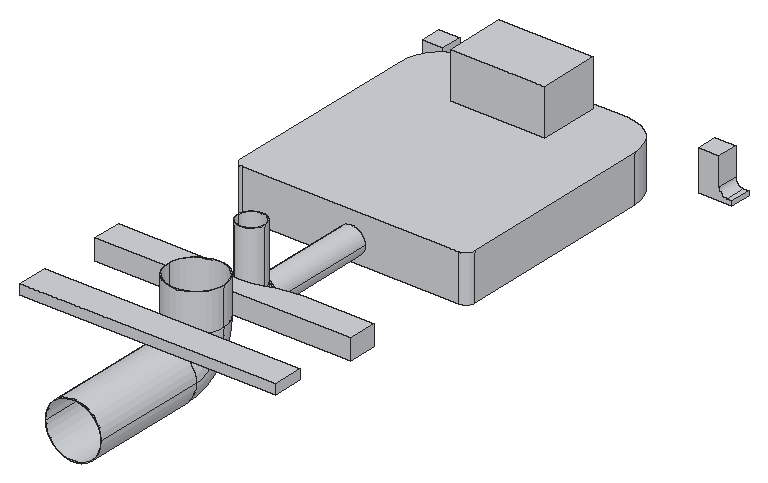
Revit family "Deca_Caixa de descarga embutida para drywall para bacia suspensa_Caixa embutida Hydra_2502.CX.AF", category Plumbing Fixtures, host Face, Revit 2019 (continued)
Lines and regions (mm)
  symbolic lines, visible <- "Visibilidade Mecanismo Interno", not visible, detail levels fine
    curve 1150: arc (0, 518.744, 44.488) -> (0, 518.238, 45.669) -> (0, 517.935, 46.917) r 7.727
    curve 1151: arc (0, 518.744, 44.488) -> (0, 519.844, 42.771) -> (0, 521.343, 41.39) r 7.974
    curve 1152: arc (0, 521.343, 41.39) -> (0, 522.387, 40.866) -> (0, 523.539, 40.677) r 3.878
    curve 1153: arc (0, 523.539, 57.381) -> (0, 524.398, 57.235) -> (0, 525.15, 56.795) r 2.427
    curve 1154: arc (0, 525.15, 56.795) -> (0, 526.365, 55.38) -> (0, 527.104, 53.667) r 6.196
    curve 1155: arc (0, 519.764, 58.572) -> (0, 518.435, 58.197) -> (0, 517.241, 57.501) r 5.467
    curve 1156: arc (0, 517.241, 57.501) -> (0, 515.038, 55.157) -> (0, 513.691, 52.237) r 10.016
    curve 1157: arc (0, 513.691, 52.237) -> (0, 513.357, 50.633) -> (0, 513.236, 49) r 12.473
    curve 1158: arc (0, 523.539, 40.677) -> (0, 524.398, 40.823) -> (0, 525.15, 41.263) r 2.427
    curve 1159: arc (0, 525.15, 41.263) -> (0, 526.365, 42.678) -> (0, 527.104, 44.39) r 6.196
    curve 1160: arc (0, 527.104, 53.667) -> (0, 527.702, 49.029) -> (0, 527.104, 44.39) r 18.295
    curve 1161: arc (0, 519.764, 58.572) -> (0, 521.339, 58.515) -> (0, 522.908, 58.382) r 32.207
    curve 1162: arc (0, 522.908, 58.382) -> (0, 524.262, 57.969) -> (0, 525.392, 57.116) r 4.056
    curve 1163: arc (0, 525.392, 57.116) -> (0, 527.2, 53.854) -> (0, 527.783, 50.171) r 10.735
    curve 1164: arc (0, 519.764, 39.428) -> (0, 518.435, 39.803) -> (0, 517.241, 40.499) r 5.467
    curve 1165: arc (0, 517.241, 40.499) -> (0, 515.038, 42.843) -> (0, 513.691, 45.763) r 10.016
    curve 1166: arc (0, 513.691, 45.763) -> (0, 513.357, 47.367) -> (0, 513.236, 49) r 12.473
    curve 1167: arc (0, 519.764, 39.428) -> (0, 521.339, 39.485) -> (0, 522.908, 39.618) r 32.207
    curve 1168: arc (0, 522.908, 39.618) -> (0, 524.262, 40.031) -> (0, 525.392, 40.884) r 4.056
    curve 1169: arc (0, 525.392, 40.884) -> (0, 527.169, 44.057) -> (0, 527.785, 47.64) r 10.735
    curve 1170: arc (0, 374.136, 30.139) -> (0, 375.178, 28.688) -> (0, 376.875, 28.13) r 2.883
    curve 1171: arc (0, 527.785, 47.64) -> (0, 527.824, 48.905) -> (0, 527.783, 50.171) r 20.174
    curve 1172: arc (0, 527.573, 52.484) -> (0, 527.938, 54.824) -> (0, 528.635, 57.087) r 16.448
    curve 1173: arc (0, 528.635, 57.087) -> (0, 529.125, 57.914) -> (0, 529.854, 58.539) r 2.949
    curve 1174: line (0, 529.854, 58.539) -> (0, 531.979, 58.353)
    curve 1175: arc (0, 531.979, 58.353) -> (0, 532.839, 57.803) -> (0, 533.389, 56.943) r 2.378
    curve 1176: arc (0, 527.573, 45.516) -> (0, 527.938, 43.176) -> (0, 528.635, 40.913) r 16.448
    curve 1177: arc (0, 528.635, 40.913) -> (0, 529.125, 40.086) -> (0, 529.854, 39.461) r 2.949
    curve 1178: line (0, 529.854, 39.461) -> (0, 531.979, 39.647)
    curve 1179: arc (0, 531.979, 39.647) -> (0, 532.839, 40.197) -> (0, 533.389, 41.057) r 2.378
    curve 1180: arc (0, 533.389, 56.943) -> (0, 533.997, 49) -> (0, 533.389, 41.057) r 52.209
    curve 1181: line (0, -527.86, -51.482) -> (0, -635.081, -51.669)
    curve 1182: line (0, -635.081, -51.669) -> (0, -634.906, -151.669)
    curve 1183: line (0, -634.906, -151.669) -> (0, -380.057, -151.224)
    curve 1184: arc (0, -380.057, -151.224) -> (0, -326.638, -133.613) -> (0, -294.006, -87.8) r 90.3
    curve 1185: line (0, -164.476, 76.6) -> (0, -235.676, 76.6)
    curve 1186: line (0, -235.676, 76.6) -> (0, -229.282, 3.513)
    curve 1187: line (0, -229.282, 3.513) -> (0, -170.871, 3.513)
    curve 1188: line (0, -170.871, 3.513) -> (0, -164.476, 76.6)
    curve 1189: line (0, -385.949, -12.5) -> (0, -390.24, 39.758)
    curve 1190: line (0, -390.24, 39.758) -> (0, -280.24, 39.95)
    curve 1191: line (0, -280.24, 39.95) -> (0, -284.363, -12.5)
    curve 1192: line (0, -457.86, -12.5) -> (0, 622.14, -12.5)
    curve 1193: line (0, 622.14, -12.5) -> (0, 622.14, -52.5)
    curve 1194: line (0, 622.14, -52.5) -> (0, -457.86, -52.5)
    curve 1195: line (0, -457.86, -52.5) -> (0, -457.86, -12.5)
    curve 1196: line (0, -406.749, -52.5) -> (0, -406.577, -151.271)
    curve 1197: arc (0, -216.938, -69.901) -> (0, -195.784, -88.066) -> (0, -168.676, -94.6) r 59.5
    curve 1198: line (0, -168.676, -52.5) -> (0, -168.676, -94.6)
    curve 1199: line (0, -168.676, -94.6) -> (0, -3.86, -94.6)
    curve 1200: line (0, -33.86, -52.5) -> (0, -33.86, -66.5)
    curve 1201: line (0, -33.86, -66.5) -> (0, -6.86, -66.5)
    curve 1202: arc (0, -6.86, -66.5) -> (0, -4.739, -67.379) -> (0, -3.86, -69.5) r 3
    curve 1203: line (0, -3.86, -69.5) -> (0, -3.86, -104.024)
    curve 1204: line (0, -3.86, -104.024) -> (0, 45.249, -104.881)
    curve 1205: spline (0, 45.249, -104.881) -> (0, 45.383, -104.886) -> (0, 45.517, -104.898) -> (0, 45.65, -104.915) -> (0, 45.783, -104.939) -> (0, 45.914, -104.968) -> (0, 46.043, -105.003) -> (0, 46.171, -105.044) -> (0, 46.297, -105.091) -> (0, 46.421, -105.144) -> (0, 46.542, -105.202) -> (0, 46.661, -105.265) -> (0, 46.776, -105.334)
    curve 1206: line (0, 373.14, -97.46) -> (0, 64.88, -96.629)
    curve 1207: spline (0, 54.886, -52.5) -> (0, 54.081, -56.009) -> (0, 53.507, -59.564) -> (0, 53.169, -63.148) -> (0, 53.067, -66.746) -> (0, 53.201, -70.343) -> (0, 53.572, -73.924) -> (0, 54.177, -77.473) -> (0, 55.014, -80.975) -> (0, 56.08, -84.415) -> (0, 57.369, -87.778) -> (0, 58.876, -91.05) -> (0, 60.595, -94.217)
    curve 1208: line (0, 402.89, 77.63) -> (0, 402.89, -7.473)
    curve 1209: line (0, 396.89, -7.484) -> (0, 462.14, -7.37)
    curve 1210: line (0, 462.14, -7.37) -> (0, 527.39, -7.484)
    curve 1211: line (0, 527.39, -7.484) -> (0, 527.39, -12.5)
    curve 1212: line (0, 521.39, -7.473) -> (0, 521.39, 77.63)
    curve 1213: line (0, 521.39, 77.63) -> (0, 402.89, 77.63)
    curve 1214: line (0, 583.14, -57.5) -> (0, 583.14, -122.5)
    curve 1215: arc (0, 583.14, -122.5) -> (0, 582.433, -122.793) -> (0, 582.14, -123.5) r 1
    curve 1216: line (0, 582.14, -123.5) -> (0, 582.14, -132.5)
    curve 1217: line (0, 582.14, -132.5) -> (0, 622.14, -132.5)
    curve 1218: line (0, 622.14, -132.5) -> (0, 622.14, -123.5)
    curve 1219: line (0, 622.14, -123.5) -> (0, 622.14, -57.5)
    curve 1220: line (0, 622.14, -57.5) -> (0, 582.14, -57.5)
    curve 1221: line (0, 582.14, -57.5) -> (0, 582.14, -107.5)
    curve 1222: line (0, 582.14, -107.5) -> (0, 585.339, -107.5)
    curve 1223: spline (0, 585.339, -107.5) -> (0, 585.34, -109.458) -> (0, 585.342, -111.382) -> (0, 585.345, -113.24) -> (0, 585.35, -115) -> (0, 585.355, -116.631) -> (0, 585.362, -118.107) -> (0, 585.37, -119.4) -> (0, 585.378, -120.49) -> (0, 585.388, -121.358) -> (0, 585.397, -121.989) -> (0, 585.407, -122.372) -> (0, 585.418, -122.5)
    curve 1224: line (0, -527.86, -52.5) -> (0, -527.86, -12.5)
    curve 1225: line (0, -527.86, -12.5) -> (0, -523.86, -12.5)
    curve 1226: line (0, -523.86, -12.5) -> (0, -523.86, -52.5)
    curve 1227: line (0, -523.86, -52.5) -> (0, -527.86, -52.5)
    curve 1228: line (0, -523.86, -15) -> (0, -457.86, -15)
    curve 1229: line (0, -457.86, -51.36) -> (0, -523.86, -51.475)
    curve 1230: line (0, -275.984, -132.529) -> (0, -224.082, -132.529)
    curve 1231: line (0, -224.082, -132.529) -> (0, -223.876, -53.992)
    curve 1232: line (0, -276.324, -54.515) -> (0, -275.984, -132.529)
    curve 1233: line (0, -266.532, -132.529) -> (0, -266.326, -54)
    curve 1234: line (0, -233.284, -132.529) -> (0, -233.626, -54)
    curve 1235: arc (0, -307.648, -52.5) -> (0, -299.022, -65.411) -> (0, -295.173, -80.455) r 46.09
    curve 1236: arc (0, -295.173, -80.455) -> (0, -294.73, -84.15) -> (0, -294.006, -87.8) r 48.816
    curve 1237: arc (0, -294.006, -87.8) -> (0, -291.765, -93.844) -> (0, -288.474, -99.386) r 35.713
    curve 1238: arc (0, -231.626, -3.9) -> (0, -232.763, -8.154) -> (0, -232.056, -12.5) r 10.5
    curve 1239: arc (0, -168.097, -12.5) -> (0, -167.389, -8.154) -> (0, -168.526, -3.9) r 10.5
    curve 1240: line (0, -167.826, -3.4) -> (0, -167.826, 1.1)
    curve 1241: arc (0, -167.826, 1.1) -> (0, -168.266, 2.161) -> (0, -169.326, 2.6) r 1.5
    curve 1242: line (0, -169.326, 2.6) -> (0, -230.826, 2.6)
    curve 1243: arc (0, -230.826, 2.6) -> (0, -231.887, 2.161) -> (0, -232.326, 1.1) r 1.5
    curve 1244: line (0, -232.326, 1.1) -> (0, -232.326, -3.4)
    curve 1245: arc (0, -232.326, -3.4) -> (0, -232.18, -3.754) -> (0, -231.826, -3.9) r 0.5
    curve 1246: line (0, -231.826, -3.9) -> (0, -168.326, -3.9)
    curve 1247: arc (0, -168.326, -3.9) -> (0, -167.973, -3.754) -> (0, -167.826, -3.4) r 0.5
    curve 1248: line (0, -223.296, -84.005) -> (0, -209.093, -52.5)
    curve 1249: line (0, -285.49, -103.436) -> (0, -285.47, -115.059)
    curve 1250: line (0, -285.47, -115.059) -> (0, -288.47, -115.064)
    curve 1251: line (0, -288.47, -115.064) -> (0, -288.496, -100.065)
    curve 1252: line (0, -19.383, -66.5) -> (0, -19.383, -52.5)
    curve 1253: arc (0, 52.025, -99.171) -> (0, 44.007, -76.519) -> (0, 44.722, -52.5) r 65.322
    curve 1254: arc (0, 31.259, -52.5) -> (0, 29.808, -66.462) -> (0, 31.259, -80.423) r 67.884
    curve 1255: arc (0, 31.259, -80.423) -> (0, 34.812, -92.022) -> (0, 40.385, -102.797) r 67.442
    curve 1256: line (0, 34.84, -52.5) -> (0, 34.84, -81)
    curve 1257: arc (0, 34.84, -81) -> (0, 32.719, -80.121) -> (0, 31.84, -78) r 3
    curve 1258: line (0, 31.84, -78) -> (0, 31.84, -55)
    curve 1259: arc (0, 31.84, -55) -> (0, 32.197, -53.581) -> (0, 33.182, -52.5) r 3
    curve 1260: line (0, 34.84, -81) -> (0, 40.116, -81)
    curve 1261: arc (0, 34.316, -80.954) -> (0, 37.458, -91.043) -> (0, 42.307, -100.432) r 60.509
    curve 1262: line (0, 42.307, -100.432) -> (0, 51.235, -100.432)
    curve 1263: arc (0, 40.116, -81) -> (0, 39.738, -66.75) -> (0, 40.1, -52.5) r 274.982
    curve 1264: line (0, 373.251, -56.5) -> (0, 68.14, -56.5)
    curve 1265: spline (0, 68.14, -56.5) -> (0, 67.488, -56.543) -> (0, 66.846, -56.67) -> (0, 66.227, -56.881) -> (0, 65.64, -57.17) -> (0, 65.096, -57.533) -> (0, 64.605, -57.964) -> (0, 64.173, -58.456) -> (0, 63.81, -59) -> (0, 63.521, -59.587) -> (0, 63.311, -60.206) -> (0, 63.183, -60.847) -> (0, 63.14, -61.5)
    curve 1266: line (0, 63.14, -61.5) -> (0, 63.14, -71.5)
    curve 1267: spline (0, 63.14, -71.5) -> (0, 63.183, -72.153) -> (0, 63.311, -72.794) -> (0, 63.521, -73.413) -> (0, 63.81, -74) -> (0, 64.173, -74.544) -> (0, 64.605, -75.036) -> (0, 65.096, -75.467) -> (0, 65.64, -75.83) -> (0, 66.227, -76.119) -> (0, 66.846, -76.33) -> (0, 67.488, -76.457) -> (0, 68.14, -76.5)
    curve 1268: line (0, 68.14, -76.5) -> (0, 373.251, -76.5)
    curve 1269: arc (0, 60.595, -94.217) -> (0, 62.423, -95.981) -> (0, 64.88, -96.629) r 5.037
    curve 1270: arc (0, 380.14, -60.5) -> (0, 380.847, -60.793) -> (0, 381.14, -61.5) r 1
    curve 1271: line (0, 381.14, -61.5) -> (0, 381.14, -100.5)
    curve 1272: arc (0, 381.14, -100.5) -> (0, 381.872, -102.268) -> (0, 383.64, -103) r 2.5
    curve 1273: line (0, 383.64, -103) -> (0, 418.64, -103)
    curve 1274: arc (0, 418.64, -103) -> (0, 420.408, -102.268) -> (0, 421.14, -100.5) r 2.5
    curve 1275: line (0, 421.14, -100.5) -> (0, 421.14, -61.5)
    curve 1276: arc (0, 421.14, -61.5) -> (0, 421.433, -60.793) -> (0, 422.14, -60.5) r 1
    curve 1277: line (0, 376.14, -52.5) -> (0, 376.14, -60)
    curve 1278: arc (0, 376.14, -60) -> (0, 376.287, -60.354) -> (0, 376.64, -60.5) r 0.5
    curve 1279: line (0, 376.64, -60.5) -> (0, 425.64, -60.5)
    curve 1280: arc (0, 425.64, -60.5) -> (0, 425.994, -60.354) -> (0, 426.14, -60) r 0.5
    curve 1281: line (0, 426.14, -60) -> (0, 426.14, -52.5)
    curve 1282: line (0, 396.14, -94.457) -> (0, 406.14, -94.457)
    curve 1283: line (0, 396.14, -71.205) -> (0, 396.14, -94.457)
    curve 1284: line (0, 406.14, -71.205) -> (0, 396.14, -71.205)
    curve 1285: line (0, 406.14, -94.457) -> (0, 406.14, -71.205)
    curve 1286: line (0, 405.04, 77.63) -> (0, 405.754, 118.538)
    curve 1287: spline (0, 406.111, 120.307) -> (0, 406.057, 120.166) -> (0, 406.007, 120.023) -> (0, 405.962, 119.879) -> (0, 405.921, 119.733) -> (0, 405.884, 119.586) -> (0, 405.852, 119.439) -> (0, 405.824, 119.29) -> (0, 405.801, 119.14) -> (0, 405.783, 118.99) -> (0, 405.769, 118.84) -> (0, 405.759, 118.689) -> (0, 405.754, 118.538)
    curve 1288: line (0, 408.537, 126.373) -> (0, 406.111, 120.307)
    curve 1289: spline (0, 410.394, 127.63) -> (0, 410.196, 127.62) -> (0, 410, 127.591) -> (0, 409.808, 127.542) -> (0, 409.621, 127.475) -> (0, 409.442, 127.389) -> (0, 409.273, 127.286) -> (0, 409.114, 127.167) -> (0, 408.969, 127.033) -> (0, 408.837, 126.885) -> (0, 408.72, 126.724) -> (0, 408.62, 126.553) -> (0, 408.537, 126.373)
    curve 1290: line (0, 410.394, 127.63) -> (0, 417.14, 127.63)
    curve 1291: line (0, 430.686, 104.873) -> (0, 417.14, 127.63)
    curve 1292: spline (0, 430.686, 104.873) -> (0, 430.922, 104.512) -> (0, 431.188, 104.174) -> (0, 431.483, 103.859) -> (0, 431.803, 103.571) -> (0, 432.147, 103.312) -> (0, 432.512, 103.083) -> (0, 432.895, 102.887) -> (0, 433.293, 102.724) -> (0, 433.705, 102.596) -> (0, 434.125, 102.504) -> (0, 434.552, 102.449) -> (0, 434.983, 102.43)
    curve 1293: line (0, 459.154, 102.43) -> (0, 434.983, 102.43)
    curve 1294: line (0, 489.298, 102.43) -> (0, 465.126, 102.43)
    curve 1295: spline (0, 489.298, 102.43) -> (0, 489.728, 102.449) -> (0, 490.155, 102.504) -> (0, 490.576, 102.596) -> (0, 490.987, 102.724) -> (0, 491.386, 102.887) -> (0, 491.769, 103.083) -> (0, 492.134, 103.312) -> (0, 492.477, 103.571) -> (0, 492.798, 103.859) -> (0, 493.092, 104.174) -> (0, 493.358, 104.512) -> (0, 493.594, 104.873)
    curve 1296: line (0, 507.14, 127.63) -> (0, 493.594, 104.873)
    curve 1297: line (0, 507.14, 127.63) -> (0, 513.886, 127.63)
    curve 1298: line (0, 518.169, 120.307) -> (0, 515.743, 126.373)
    curve 1299: spline (0, 518.526, 118.538) -> (0, 518.521, 118.689) -> (0, 518.512, 118.84) -> (0, 518.498, 118.99) -> (0, 518.479, 119.14) -> (0, 518.456, 119.29) -> (0, 518.428, 119.439) -> (0, 518.396, 119.586) -> (0, 518.359, 119.733) -> (0, 518.318, 119.879) -> (0, 518.273, 120.023) -> (0, 518.223, 120.166) -> (0, 518.169, 120.307)
    curve 1300: line (0, 519.135, 83.63) -> (0, 518.526, 118.538)
    curve 1301: arc (0, 513.886, 127.63) -> (0, 515.007, 127.286) -> (0, 515.743, 126.373) r 2
    curve 1302: line (0, 405.145, 83.63) -> (0, 519.135, 83.63)
    curve 1303: line (0, 412.306, 83.63) -> (0, 412.79, 90.63)
    curve 1304: line (0, 473.975, 83.63) -> (0, 473.49, 90.63)
    curve 1305: line (0, 473.49, 90.63) -> (0, 412.79, 90.63)
    curve 1306: line (0, 480.14, 83.63) -> (0, 480.14, 87.898)
    curve 1307: line (0, 480.14, 87.898) -> (0, 483.14, 89.63)
    curve 1308: line (0, 483.14, 89.63) -> (0, 509.14, 89.63)
    curve 1309: line (0, 509.14, 89.63) -> (0, 512.14, 87.898)
    curve 1310: line (0, 512.14, 87.898) -> (0, 512.14, 83.63)
    curve 1311: arc (0, 483.464, 90.535) -> (0, 482.843, 91.881) -> (0, 481.467, 92.43) r 2
    curve 1312: line (0, 483.464, 90.535) -> (0, 483.511, 89.63)
    curve 1313: line (0, 481.467, 92.43) -> (0, 442.814, 92.43)
    curve 1314: arc (0, 442.814, 92.43) -> (0, 441.472, 91.913) -> (0, 440.824, 90.63) r 2
    curve 1315: line (0, 519.277, 77.63) -> (0, 519.135, 83.63)
    curve 1316: line (0, 396.89, -7.484) -> (0, 396.89, -12.5)
    curve 1317: arc (0, 52.025, -99.171) -> (0, 57.488, -104.625) -> (0, 64.942, -106.628) r 14.956
    curve 1318: arc (0, 42.999, -106.545) -> (0, 45.672, -107.318) -> (0, 48.443, -107.584) r 15
    curve 1319: line (0, 42.999, -106.545) -> (0, 27.137, -106.503)
    curve 1320: arc (0, 26.14, -105.503) -> (0, 26.432, -106.209) -> (0, 27.137, -106.503) r 1
    curve 1321: line (0, 26.14, -104.547) -> (0, 26.14, -105.503)
    curve 1322: line (0, 48.443, -107.584) -> (0, 388.16, -108.5)
    curve 1323: line (0, 373.251, -52.5) -> (0, 373.251, -108.46)
    curve 1324: line (0, 388.16, -108.5) -> (0, 388.171, -104.402)
    curve 1325: line (0, 376.875, -104.37) -> (0, 404.14, -104.448)
    curve 1326: line (0, 404.14, -104.448) -> (0, 521.221, -102.404)
    curve 1327: arc (0, 521.221, -102.404) -> (0, 528.047, -99.604) -> (0, 531.176, -92.923) r 10.155
    curve 1328: line (0, 533.757, -88.5) -> (0, 537.14, -88.5)
    curve 1329: arc (0, 537.14, -88.5) -> (0, 538.554, -87.914) -> (0, 539.14, -86.5) r 2
    curve 1330: line (0, 564.39, -76.653) -> (0, 543.39, -76.653)
    curve 1331: line (0, 564.39, -56.04) -> (0, 564.39, -76.653)
    curve 1332: line (0, 543.39, -56.04) -> (0, 564.39, -56.04)
    curve 1333: line (0, 543.39, -83.003) -> (0, 543.39, -56.04)
    curve 1334: arc (0, 542.122, -84.573) -> (0, 543.034, -84.012) -> (0, 543.39, -83.003) r 1.606
    curve 1335: line (0, 542.122, -84.573) -> (0, 539.14, -84.399)
    curve 1336: line (0, 539.14, -52.5) -> (0, 539.14, -86.5)
    curve 1337: line (0, 531.14, -52.5) -> (0, 531.14, -74.073)
    curve 1338: arc (0, 517.935, -81.36) -> (0, 517.746, -82.408) -> (0, 517.682, -83.471) r 8.944
    curve 1339: line (0, 389.39, -93.115) -> (0, 389.39, -60.5)
    curve 1340: line (0, 392.89, -93.115) -> (0, 392.89, -60.5)
    curve 1341: arc (0, 389.39, -93.115) -> (0, 389.852, -95.086) -> (0, 391.14, -96.648) r 4.442
    curve 1342: arc (0, 392.89, -93.115) -> (0, 392.429, -95.086) -> (0, 391.14, -96.648) r 4.442
    curve 1343: line (0, 409.39, -93.115) -> (0, 409.39, -60.5)
    curve 1344: line (0, 412.89, -93.115) -> (0, 412.89, -60.5)
    curve 1345: arc (0, 409.39, -93.115) -> (0, 409.852, -95.086) -> (0, 411.14, -96.648) r 4.442
    curve 1346: arc (0, 412.89, -93.115) -> (0, 412.429, -95.086) -> (0, 411.14, -96.648) r 4.442
    curve 1347: arc (0, 518.744, -78.93) -> (0, 518.238, -80.111) -> (0, 517.935, -81.36) r 7.727
    curve 1348: arc (0, 518.744, -78.93) -> (0, 519.844, -77.214) -> (0, 521.343, -75.832) r 7.974
    curve 1349: arc (0, 521.343, -75.832) -> (0, 522.387, -75.309) -> (0, 523.539, -75.119) r 3.878
    curve 1350: arc (0, 517.935, -85.583) -> (0, 517.746, -84.534) -> (0, 517.682, -83.471) r 8.944
    curve 1351: arc (0, 518.744, -88.012) -> (0, 518.238, -86.831) -> (0, 517.935, -85.583) r 7.727
    curve 1352: arc (0, 518.744, -88.012) -> (0, 519.844, -89.729) -> (0, 521.343, -91.11) r 7.974
    curve 1353: arc (0, 521.343, -91.11) -> (0, 522.387, -91.634) -> (0, 523.539, -91.823) r 3.878
    curve 1354: arc (0, 523.539, -75.119) -> (0, 524.398, -75.265) -> (0, 525.15, -75.705) r 2.427
    curve 1355: arc (0, 525.15, -75.705) -> (0, 526.365, -77.12) -> (0, 527.104, -78.833) r 6.196
    curve 1356: arc (0, 519.764, -73.928) -> (0, 518.435, -74.303) -> (0, 517.241, -74.999) r 5.467
    curve 1357: arc (0, 517.241, -74.999) -> (0, 515.038, -77.343) -> (0, 513.691, -80.263) r 10.016
    curve 1358: arc (0, 513.691, -80.263) -> (0, 513.357, -81.867) -> (0, 513.236, -83.5) r 12.473
    curve 1359: arc (0, 523.539, -91.823) -> (0, 524.398, -91.677) -> (0, 525.15, -91.237) r 2.427
    curve 1360: arc (0, 525.15, -91.237) -> (0, 526.365, -89.822) -> (0, 527.104, -88.11) r 6.196
    curve 1361: arc (0, 527.104, -78.833) -> (0, 527.702, -83.471) -> (0, 527.104, -88.11) r 18.295
    curve 1362: arc (0, 519.764, -73.928) -> (0, 521.339, -73.985) -> (0, 522.908, -74.118) r 32.207
    curve 1363: arc (0, 522.908, -74.118) -> (0, 524.262, -74.531) -> (0, 525.392, -75.384) r 4.056
    curve 1364: arc (0, 525.392, -75.384) -> (0, 527.2, -78.646) -> (0, 527.783, -82.329) r 10.735
    curve 1365: arc (0, 519.764, -93.072) -> (0, 518.435, -92.697) -> (0, 517.241, -92.001) r 5.467
    curve 1366: arc (0, 517.241, -92.001) -> (0, 515.038, -89.657) -> (0, 513.691, -86.737) r 10.016
    curve 1367: arc (0, 513.691, -86.737) -> (0, 513.357, -85.133) -> (0, 513.236, -83.5) r 12.473
    curve 1368: arc (0, 519.764, -93.072) -> (0, 521.339, -93.015) -> (0, 522.908, -92.882) r 32.207
    curve 1369: arc (0, 522.908, -92.882) -> (0, 524.262, -92.469) -> (0, 525.392, -91.616) r 4.056
    curve 1370: arc (0, 525.392, -91.616) -> (0, 527.169, -88.443) -> (0, 527.785, -84.86) r 10.735
    curve 1371: arc (0, 374.136, -102.361) -> (0, 375.178, -103.812) -> (0, 376.875, -104.37) r 2.883
    curve 1372: arc (0, 527.785, -84.86) -> (0, 527.824, -83.595) -> (0, 527.783, -82.329) r 20.174
    curve 1373: arc (0, 527.573, -80.016) -> (0, 527.938, -77.676) -> (0, 528.635, -75.413) r 16.448
    curve 1374: arc (0, 528.635, -75.413) -> (0, 529.125, -74.586) -> (0, 529.854, -73.961) r 2.949
    curve 1375: line (0, 529.854, -73.961) -> (0, 531.979, -74.147)
    curve 1376: arc (0, 531.979, -74.147) -> (0, 532.839, -74.697) -> (0, 533.389, -75.557) r 2.378
    curve 1377: arc (0, 527.573, -86.984) -> (0, 527.938, -89.324) -> (0, 528.635, -91.587) r 16.448
    curve 1378: arc (0, 528.635, -91.587) -> (0, 529.125, -92.414) -> (0, 529.854, -93.039) r 2.949
    curve 1379: line (0, 529.854, -93.039) -> (0, 531.979, -92.853)
    curve 1380: arc (0, 531.979, -92.853) -> (0, 532.839, -92.303) -> (0, 533.389, -91.443) r 2.378
    curve 1381: arc (0, 533.389, -75.557) -> (0, 533.997, -83.5) -> (0, 533.389, -91.443) r 52.209
    curve 1382: circle (0, -527.87, 66) r 24 normal (0, 1, 0)
    curve 1383: circle (-67.5, -527.87, 66) r 24 normal (0, 1, 0)
    curve 1384: circle (67.5, -527.87, 66) r 20 normal (0, 1, 0)
    curve 1385: circle (0, -527.87, 66) r 20 normal (0, 1, 0)
    curve 1386: circle (-67.5, -527.87, 66) r 15.388 normal (0, 1, 0)
    curve 1387: circle (-67.5, -527.87, 66) r 9.3 normal (0, 1, 0)
    curve 1388: line (-250, -527.87, 90) -> (250, -527.87, 90)
    curve 1389: line (141.034, -527.87, 90) -> (141.034, -527.87, 40.148)
    curve 1390: line (141.034, -527.87, 40.148) -> (-141.034, -527.87, 40.148)
    curve 1391: line (-141.034, -527.87, 40.148) -> (-141.034, -527.87, 90)
    curve 1392: circle (113.3, -527.87, 66) r 3.927 normal (0, 1, 0)
    curve 1393: circle (-113.3, -527.87, 66) r 3.927 normal (0, 1, 0)
    curve 1394: line (-229, -527.87, 90) -> (-229, -527.87, 80.5)
    curve 1395: arc (-229, -527.87, 80.5) -> (-229.146, -527.87, 80.146) -> (-229.5, -527.87, 80) r 0.5
    curve 1396: line (-229.5, -527.87, 80) -> (-288, -527.87, 80)
    curve 1397: arc (-288, -527.87, 80) -> (-289.414, -527.87, 80.586) -> (-290, -527.87, 82) r 2
    curve 1398: line (-290, -527.87, 82) -> (-290, -527.87, 118)
    curve 1399: arc (-290, -527.87, 118) -> (-289.414, -527.87, 119.414) -> (-288, -527.87, 120) r 2
    curve 1400: line (-288, -527.87, 120) -> (288, -527.87, 120)
    curve 1401: arc (288, -527.87, 120) -> (289.414, -527.87, 119.414) -> (290, -527.87, 118) r 2
    curve 1402: line (290, -527.87, 118) -> (290, -527.87, 82)
    curve 1403: arc (290, -527.87, 82) -> (289.414, -527.87, 80.586) -> (288, -527.87, 80) r 2
    curve 1404: line (288, -527.87, 80) -> (229, -527.87, 80)
    curve 1405: line (250, -527.87, 0) -> (315, -527.87, 0)
    curve 1406: line (315, -527.87, 0) -> (315, -527.87, 9)
    curve 1407: arc (315, -527.87, 9) -> (314.707, -527.87, 9.707) -> (314, -527.87, 10) r 1
    curve 1408: line (314, -527.87, 10) -> (306.006, -527.87, 10)
    curve 1409: arc (306.006, -527.87, 10) -> (295.396, -527.87, 14.391) -> (291, -527.87, 25) r 15
    curve 1410: line (291, -527.87, 25) -> (291, -527.87, 75)
    curve 1411: line (291, -527.87, 75) -> (250, -527.87, 75)
    curve 1412: line (250, -527.87, 75) -> (250, -527.87, 66)
    curve 1413: line (250, -527.87, 66) -> (253, -527.87, 66)
    curve 1414: line (253, -527.87, 66) -> (253, -527.87, 61.7)
    curve 1415: line (253, -527.87, 61.7) -> (251, -527.87, 61.7)
    curve 1416: line (251, -527.87, 61.7) -> (250, -527.87, 61.7)
    curve 1417: line (250, -527.87, 61.7) -> (250, -527.87, 0)
    curve 1418: line (-250, -527.87, 0) -> (-315, -527.87, 0)
    curve 1419: line (-315, -527.87, 0) -> (-315, -527.87, 9)
    curve 1420: arc (-315, -527.87, 9) -> (-314.707, -527.87, 9.707) -> (-314, -527.87, 10) r 1
    curve 1421: line (-314, -527.87, 10) -> (-306.006, -527.87, 10)
    curve 1422: arc (-306.006, -527.87, 10) -> (-295.396, -527.87, 14.391) -> (-291, -527.87, 25) r 15
    curve 1423: line (-291, -527.87, 25) -> (-291, -527.87, 75)
    curve 1424: line (-291, -527.87, 75) -> (-250, -527.87, 75)
    curve 1425: line (-250, -527.87, 75) -> (-250, -527.87, 66)
    curve 1426: line (-250, -527.87, 66) -> (-253, -527.87, 66)
    curve 1427: line (-253, -527.87, 66) -> (-253, -527.87, 61.7)
    curve 1428: line (-253, -527.87, 61.7) -> (-251, -527.87, 61.7)
    curve 1429: line (-251, -527.87, 61.7) -> (-250, -527.87, 61.7)
    curve 1430: line (-250, -527.87, 61.7) -> (-250, -527.87, 0)
    curve 1431: line (229, -527.87, 80) -> (229, -527.87, 90)
    curve 1432: line (268.5, -527.87, 80) -> (268.5, -527.87, 75)
    curve 1433: line (-268.5, -527.87, 80) -> (-268.5, -527.87, 75)
    curve 1434: line (144.524, -527.87, 30.096) -> (-144.524, -527.87, 30.096)
    curve 1435: line (19.5, -527.87, 24) -> (19.5, -527.87, 0.003)
    curve 1436: line (-19.5, -527.87, 0.003) -> (-19.5, -527.87, 24)
    curve 1437: line (25.75, -527.87, 24) -> (25.75, -527.87, 0.003)
    curve 1438: line (31.06, -527.87, 24) -> (30.976, -527.87, 0.003)
    curve 1439: line (-30.976, -527.87, 0.003) -> (-31.06, -527.87, 24)
    curve 1440: line (-25.75, -527.87, 24) -> (-25.75, -527.87, 0.003)
    curve 1441: line (30.976, -527.87, 0.003) -> (-30.976, -527.87, 0.003)
    curve 1442: spline (45.085, -527.87, 24) -> (43.045, -527.87, 12.799) -> (38.267, -527.87, 2.464) -> (31.056, -527.87, -6.347) -> (21.871, -527.87, -13.074) -> (11.295, -527.87, -17.289) -> (0, -527.87, -18.724) -> (-11.295, -527.87, -17.289) -> (-21.871, -527.87, -13.074) -> (-31.056, -527.87, -6.347) -> (-38.267, -527.87, 2.464) -> (-43.045, -527.87, 12.799) -> (-45.085, -527.87, 24)
    curve 1443: spline (49.475, -527.87, 24) -> (46.383, -527.87, 12.557) -> (40.684, -527.87, 2.164) -> (32.7, -527.87, -6.596) -> (22.877, -527.87, -13.23) -> (11.769, -527.87, -17.366) -> (0, -527.87, -18.771) -> (-11.769, -527.87, -17.366) -> (-22.877, -527.87, -13.23) -> (-32.7, -527.87, -6.596) -> (-40.684, -527.87, 2.164) -> (-46.383, -527.87, 12.557) -> (-49.475, -527.87, 24)
    curve 1444: line (49.475, -527.87, 24) -> (-200.525, -527.87, 24)
    curve 1445: circle (155.011, -527.87, 49) r 9.432 normal (0, 1, 0)
    curve 1446: circle (180.011, -527.87, 49) r 9.432 normal (0, 1, 0)
    curve 1447: line (141.034, -527.87, 40.148) -> (151.754, -527.87, 40.148)
    curve 1448: line (157.918, -527.87, 40.027) -> (177.104, -527.87, 40.027)
    curve 1449: line (182.544, -527.87, 39.914) -> (217.581, -527.87, 39.046)
    curve 1450: line (217.581, -527.87, 38.5) -> (217.581, -527.87, 90)
    curve 1451: line (144.524, -527.87, 30.096) -> (144.524, -527.87, 40.148)
    curve 1452: line (225, -527.87, 90) -> (225, -527.87, 30)
    curve 1453: arc (225, -527.87, 30) -> (225.146, -527.87, 29.646) -> (225.5, -527.87, 29.5) r 0.5
    curve 1454: line (225.5, -527.87, 29.5) -> (228.5, -527.87, 29.5)
    curve 1455: arc (228.5, -527.87, 29.5) -> (228.854, -527.87, 29.646) -> (229, -527.87, 30) r 0.5
    curve 1456: line (229, -527.87, 30) -> (229, -527.87, 72)
    curve 1457: line (254, -527.87, 115.5) -> (254, -527.87, 84.5)
    curve 1458: arc (254, -527.87, 84.5) -> (254.146, -527.87, 84.146) -> (254.5, -527.87, 84) r 0.5
    curve 1459: line (254.5, -527.87, 84) -> (285.5, -527.87, 84)
    curve 1460: arc (285.5, -527.87, 84) -> (285.854, -527.87, 84.146) -> (286, -527.87, 84.5) r 0.5
    curve 1461: line (286, -527.87, 84.5) -> (286, -527.87, 115.5)
    curve 1462: arc (286, -527.87, 115.5) -> (285.854, -527.87, 115.854) -> (285.5, -527.87, 116) r 0.5
    curve 1463: line (285.5, -527.87, 116) -> (254.5, -527.87, 116)
    curve 1464: arc (254.5, -527.87, 116) -> (254.146, -527.87, 115.854) -> (254, -527.87, 115.5) r 0.5
    curve 1465: line (-254, -527.87, 84.5) -> (-254, -527.87, 115.5)
    curve 1466: arc (-254, -527.87, 115.5) -> (-254.146, -527.87, 115.854) -> (-254.5, -527.87, 116) r 0.5
    curve 1467: line (-254.5, -527.87, 116) -> (-285.5, -527.87, 116)
    curve 1468: arc (-285.5, -527.87, 116) -> (-285.854, -527.87, 115.854) -> (-286, -527.87, 115.5) r 0.5
    curve 1469: line (-286, -527.87, 115.5) -> (-286, -527.87, 84.5)
    curve 1470: arc (-286, -527.87, 84.5) -> (-285.854, -527.87, 84.146) -> (-285.5, -527.87, 84) r 0.5
    curve 1471: line (-285.5, -527.87, 84) -> (-254.5, -527.87, 84)
    curve 1472: arc (-254.5, -527.87, 84) -> (-254.146, -527.87, 84.146) -> (-254, -527.87, 84.5) r 0.5
    curve 1473: line (-250, -527.87, 80) -> (-250, -527.87, 120)
    curve 1474: line (250, -527.87, 80) -> (250, -527.87, 120)
    curve 1475: line (250, -527.87, 117) -> (-250, -527.87, 117)
    curve 1476: line (225.5, -527.87, 72) -> (250, -527.87, 72)
    curve 1477: line (244, -527.87, 72) -> (244, -527.87, 62)
    curve 1478: line (244, -527.87, 62) -> (242.089, -527.87, 58.691)
    curve 1479: arc (242.089, -527.87, 58.691) -> (231.956, -527.87, 54.5) -> (233.393, -527.87, 43.629) r 9
    curve 1480: line (233.393, -527.87, 43.629) -> (229, -527.87, 36.019)
    curve 1481: arc (227.185, -527.87, 29.5) -> (223.605, -527.87, 26.192) -> (218.869, -527.87, 25.04) r 9.706
    curve 1482: line (218.869, -527.87, 25.04) -> (202.852, -527.87, 25.04)
    curve 1483: line (202.852, -527.87, 25.04) -> (200.525, -527.87, 24)
    curve 1484: line (200.525, -527.87, 24) -> (49.475, -527.87, 24)
    curve 1485: line (-144.524, -527.87, 30.096) -> (-144.669, -527.87, 40.148)
    curve 1486: line (-217.581, -527.87, 38.691) -> (-217.581, -527.87, 90)
    curve 1487: line (-225, -527.87, 90) -> (-225, -527.87, 30)
    curve 1488: arc (-225, -527.87, 30) -> (-225.146, -527.87, 29.646) -> (-225.5, -527.87, 29.5) r 0.5
    curve 1489: line (-225.5, -527.87, 29.5) -> (-228.5, -527.87, 29.5)
    curve 1490: arc (-228.5, -527.87, 29.5) -> (-228.854, -527.87, 29.646) -> (-229, -527.87, 30) r 0.5
    curve 1491: line (-229, -527.87, 30) -> (-229, -527.87, 72)
    curve 1492: line (-244, -527.87, 72) -> (-244, -527.87, 62)
    curve 1493: line (-244, -527.87, 62) -> (-242.089, -527.87, 58.691)
    curve 1494: arc (-242.089, -527.87, 58.691) -> (-231.956, -527.87, 54.5) -> (-233.393, -527.87, 43.629) r 9
    curve 1495: line (-233.393, -527.87, 43.629) -> (-229, -527.87, 36.019)
    curve 1496: arc (-227.185, -527.87, 29.5) -> (-223.605, -527.87, 26.192) -> (-218.869, -527.87, 25.04) r 9.706
    curve 1497: line (-218.869, -527.87, 25.04) -> (-202.852, -527.87, 25.04)
    curve 1498: line (-202.852, -527.87, 25.04) -> (-200.525, -527.87, 24)
    curve 1499: line (-141.034, -527.87, 40.148) -> (-151.935, -527.87, 40.148)
    curve 1500: line (-151.935, -527.87, 40.027) -> (-179.317, -527.87, 40.027)
    curve 1501: line (-179.317, -527.87, 40.027) -> (-217.581, -527.87, 38.691)
    curve 1502: line (-225, -527.87, 72) -> (-250, -527.87, 72)
    curve 1503: circle (67.5, -527.87, 66) r 24 normal (0, 1, 0)
    curve 1504: line (225, -527.87, 36) -> (218.5, -527.87, 36)
    curve 1505: arc (218.5, -527.87, 36) -> (215.11, -527.87, 30.152) -> (208.685, -527.87, 28.052) r 9.473
    curve 1506: line (208.685, -527.87, 28.052) -> (-166.315, -527.87, 28.052)
    curve 1507: line (-166.315, -527.87, 28.052) -> (-207.895, -527.87, 28.052)
    curve 1508: arc (-207.895, -527.87, 28.052) -> (-215.089, -527.87, 31.231) -> (-217.581, -527.87, 38.691) r 9.728
    curve 1509: line (218.5, -527.87, 36) -> (217.581, -527.87, 38.5)
    curve 1510: line (-225, -527.87, 36) -> (-218.5, -527.87, 36)
    curve 1511: line (-218.5, -527.87, 36) -> (-217.601, -527.87, 38.446)
    curve 1512: line (-91.913, -527.87, 125.027) -> (-91.913, -527.87, 210.13)
    curve 1513: line (-98.016, -527.87, 125.027) -> (-91.913, -527.87, 125.027)
    curve 1514: line (-98.016, -527.87, 123.33) -> (-98.016, -527.87, 125.027)
    curve 1515: line (-91.913, -527.87, 123.33) -> (-98.016, -527.87, 123.33)
    curve 1516: line (-91.913, -527.87, 120) -> (-91.913, -527.87, 123.33)
    curve 1517: line (91.897, -527.87, 123.33) -> (91.897, -527.87, 120)
    curve 1518: line (98, -527.87, 123.33) -> (91.897, -527.87, 123.33)
    curve 1519: line (98, -527.87, 125.027) -> (98, -527.87, 123.33)
    curve 1520: line (91.897, -527.87, 125.027) -> (98, -527.87, 125.027)
    curve 1521: line (91.897, -527.87, 210.13) -> (91.897, -527.87, 125.027)
    curve 1522: line (-91.913, -527.87, 210.13) -> (91.897, -527.87, 210.13)
    curve 1523: line (-176.4, -527.87, 223.13) -> (-109.065, -527.87, 223.13)
    curve 1524: line (-109.065, -527.87, 223.13) -> (-109.065, -527.87, 216.13)
    curve 1525: line (-109.065, -527.87, 216.13) -> (-96, -527.87, 216.13)
    curve 1526: line (-96, -527.87, 216.13) -> (-96, -527.87, 210.13)
    curve 1527: line (-96, -527.87, 210.13) -> (-276.754, -527.87, 210.13)
    curve 1528: line (-276.754, -527.87, 210.13) -> (-276.754, -527.87, 216.13)
    curve 1529: line (-276.754, -527.87, 216.13) -> (-254.798, -527.87, 216.13)
    curve 1530: line (-254.798, -527.87, 216.13) -> (-254.798, -527.87, 225.13)
    curve 1531: line (-254.798, -527.87, 225.13) -> (-231.081, -527.87, 225.13)
    curve 1532: line (-231.081, -527.87, 225.13) -> (-231.081, -527.87, 216.13)
    curve 1533: line (-231.081, -527.87, 216.13) -> (-189.477, -527.87, 216.13)
    curve 1534: line (-189.477, -527.87, 216.13) -> (-189.477, -527.87, 259.831)
    curve 1535: line (-189.477, -527.87, 259.831) -> (-187.173, -527.87, 259.831)
    curve 1536: line (-187.173, -527.87, 259.831) -> (-187.173, -527.87, 225.13)
    curve 1537: line (-187.173, -527.87, 225.13) -> (-179.025, -527.87, 225.13)
    curve 1538: line (-179.025, -527.87, 225.13) -> (-179.025, -527.87, 216.13)
    curve 1539: line (-179.025, -527.87, 216.13) -> (-176.4, -527.87, 216.13)
    curve 1540: line (-176.4, -527.87, 216.13) -> (-176.4, -527.87, 223.13)
    curve 1541: line (-99.246, -527.87, 216.13) -> (-186.521, -527.87, 216.13)
    curve 1542: line (-231.081, -527.87, 216.13) -> (-254.798, -527.87, 216.13)
    curve 1543: circle (0, -527.87, -66.5) r 24 normal (0, 1, 0)
    curve 1544: circle (-67.5, -527.87, -66.5) r 24 normal (0, 1, 0)
    curve 1545: circle (67.5, -527.87, -66.5) r 20 normal (0, 1, 0)
    curve 1546: circle (0, -527.87, -66.5) r 20 normal (0, 1, 0)
    curve 1547: circle (-67.5, -527.87, -66.5) r 15.388 normal (0, 1, 0)
    curve 1548: circle (-67.5, -527.87, -66.5) r 9.3 normal (0, 1, 0)
    curve 1549: line (-250, -527.87, -42.5) -> (250, -527.87, -42.5)
    curve 1550: line (141.034, -527.87, -42.5) -> (141.034, -527.87, -92.352)
    curve 1551: line (141.034, -527.87, -92.352) -> (-141.034, -527.87, -92.352)
    curve 1552: line (-141.034, -527.87, -92.352) -> (-141.034, -527.87, -42.5)
    curve 1553: circle (113.3, -527.87, -66.5) r 3.927 normal (0, 1, 0)
    curve 1554: circle (-113.3, -527.87, -66.5) r 3.927 normal (0, 1, 0)
    curve 1555: line (-229, -527.87, -42.5) -> (-229, -527.87, -52)
    curve 1556: arc (-229, -527.87, -52) -> (-229.146, -527.87, -52.354) -> (-229.5, -527.87, -52.5) r 0.5
    curve 1557: line (-229.5, -527.87, -52.5) -> (-288, -527.87, -52.5)
    curve 1558: arc (-288, -527.87, -52.5) -> (-289.414, -527.87, -51.914) -> (-290, -527.87, -50.5) r 2
    curve 1559: line (-290, -527.87, -50.5) -> (-290, -527.87, -14.5)
    curve 1560: arc (-290, -527.87, -14.5) -> (-289.414, -527.87, -13.086) -> (-288, -527.87, -12.5) r 2
    curve 1561: line (-288, -527.87, -12.5) -> (288, -527.87, -12.5)
    curve 1562: arc (288, -527.87, -12.5) -> (289.414, -527.87, -13.086) -> (290, -527.87, -14.5) r 2
    curve 1563: line (290, -527.87, -14.5) -> (290, -527.87, -50.5)
    curve 1564: arc (290, -527.87, -50.5) -> (289.414, -527.87, -51.914) -> (288, -527.87, -52.5) r 2
    curve 1565: line (288, -527.87, -52.5) -> (229, -527.87, -52.5)
    curve 1566: line (250, -527.87, -132.5) -> (315, -527.87, -132.5)
    curve 1567: line (315, -527.87, -132.5) -> (315, -527.87, -123.5)
    curve 1568: arc (315, -527.87, -123.5) -> (314.707, -527.87, -122.793) -> (314, -527.87, -122.5) r 1
    curve 1569: line (314, -527.87, -122.5) -> (306.006, -527.87, -122.5)
    curve 1570: arc (306.006, -527.87, -122.5) -> (295.396, -527.87, -118.109) -> (291, -527.87, -107.5) r 15
    curve 1571: line (291, -527.87, -107.5) -> (291, -527.87, -57.5)
    curve 1572: line (291, -527.87, -57.5) -> (250, -527.87, -57.5)
    curve 1573: line (250, -527.87, -57.5) -> (250, -527.87, -66.5)
    curve 1574: line (250, -527.87, -66.5) -> (253, -527.87, -66.5)
    curve 1575: line (253, -527.87, -66.5) -> (253, -527.87, -70.8)
    curve 1576: line (253, -527.87, -70.8) -> (251, -527.87, -70.8)
    curve 1577: line (251, -527.87, -70.8) -> (250, -527.87, -70.8)
    curve 1578: line (250, -527.87, -70.8) -> (250, -527.87, -132.5)
    curve 1579: line (-250, -527.87, -132.5) -> (-315, -527.87, -132.5)
    curve 1580: line (-315, -527.87, -132.5) -> (-315, -527.87, -123.5)
    curve 1581: arc (-315, -527.87, -123.5) -> (-314.707, -527.87, -122.793) -> (-314, -527.87, -122.5) r 1
    curve 1582: line (-314, -527.87, -122.5) -> (-306.006, -527.87, -122.5)
    curve 1583: arc (-306.006, -527.87, -122.5) -> (-295.396, -527.87, -118.109) -> (-291, -527.87, -107.5) r 15
    curve 1584: line (-291, -527.87, -107.5) -> (-291, -527.87, -57.5)
    curve 1585: line (-291, -527.87, -57.5) -> (-250, -527.87, -57.5)
    curve 1586: line (-250, -527.87, -57.5) -> (-250, -527.87, -66.5)
    curve 1587: line (-250, -527.87, -66.5) -> (-253, -527.87, -66.5)
    curve 1588: line (-253, -527.87, -66.5) -> (-253, -527.87, -70.8)
    curve 1589: line (-253, -527.87, -70.8) -> (-251, -527.87, -70.8)
    curve 1590: line (-251, -527.87, -70.8) -> (-250, -527.87, -70.8)
    curve 1591: line (-250, -527.87, -70.8) -> (-250, -527.87, -132.5)
    curve 1592: line (229, -527.87, -52.5) -> (229, -527.87, -42.5)
    curve 1593: line (268.5, -527.87, -52.5) -> (268.5, -527.87, -57.5)
    curve 1594: line (-268.5, -527.87, -52.5) -> (-268.5, -527.87, -57.5)
    curve 1595: line (144.524, -527.87, -102.404) -> (-144.524, -527.87, -102.404)
    curve 1596: line (19.5, -527.87, -108.5) -> (19.5, -527.87, -132.497)
    curve 1597: line (-19.5, -527.87, -132.497) -> (-19.5, -527.87, -108.5)
    curve 1598: line (25.75, -527.87, -108.5) -> (25.75, -527.87, -132.497)
    curve 1599: line (31.06, -527.87, -108.5) -> (30.976, -527.87, -132.497)
    curve 1600: line (-30.976, -527.87, -132.497) -> (-31.06, -527.87, -108.5)
    curve 1601: line (-25.75, -527.87, -108.5) -> (-25.75, -527.87, -132.497)
    curve 1602: line (30.976, -527.87, -132.497) -> (-30.976, -527.87, -132.497)
    curve 1603: spline (45.085, -527.87, -108.5) -> (43.045, -527.87, -119.701) -> (38.267, -527.87, -130.036) -> (31.056, -527.87, -138.847) -> (21.871, -527.87, -145.574) -> (11.295, -527.87, -149.789) -> (0, -527.87, -151.224) -> (-11.295, -527.87, -149.789) -> (-21.871, -527.87, -145.574) -> (-31.056, -527.87, -138.847) -> (-38.267, -527.87, -130.036) -> (-43.045, -527.87, -119.701) -> (-45.085, -527.87, -108.5)
    curve 1604: spline (49.475, -527.87, -108.5) -> (46.383, -527.87, -119.943) -> (40.684, -527.87, -130.336) -> (32.7, -527.87, -139.096) -> (22.877, -527.87, -145.73) -> (11.769, -527.87, -149.866) -> (0, -527.87, -151.271) -> (-11.769, -527.87, -149.866) -> (-22.877, -527.87, -145.73) -> (-32.7, -527.87, -139.096) -> (-40.684, -527.87, -130.336) -> (-46.383, -527.87, -119.943) -> (-49.475, -527.87, -108.5)
    curve 1605: line (49.475, -527.87, -108.5) -> (-200.525, -527.87, -108.5)
    curve 1606: circle (155.011, -527.87, -83.5) r 9.432 normal (0, 1, 0)
    curve 1607: circle (180.011, -527.87, -83.5) r 9.432 normal (0, 1, 0)
    curve 1608: line (141.034, -527.87, -92.352) -> (151.754, -527.87, -92.352)
    curve 1609: line (157.918, -527.87, -92.473) -> (177.104, -527.87, -92.473)
    curve 1610: line (182.544, -527.87, -92.586) -> (217.581, -527.87, -93.454)
    curve 1611: line (217.581, -527.87, -94) -> (217.581, -527.87, -42.5)
    curve 1612: line (144.524, -527.87, -102.404) -> (144.524, -527.87, -92.352)
    curve 1613: line (225, -527.87, -42.5) -> (225, -527.87, -102.5)
    curve 1614: arc (225, -527.87, -102.5) -> (225.146, -527.87, -102.854) -> (225.5, -527.87, -103) r 0.5
    curve 1615: line (225.5, -527.87, -103) -> (228.5, -527.87, -103)
    curve 1616: arc (228.5, -527.87, -103) -> (228.854, -527.87, -102.854) -> (229, -527.87, -102.5) r 0.5
    curve 1617: line (229, -527.87, -102.5) -> (229, -527.87, -60.5)
    curve 1618: line (254, -527.87, -17) -> (254, -527.87, -48)
    curve 1619: arc (254, -527.87, -48) -> (254.146, -527.87, -48.354) -> (254.5, -527.87, -48.5) r 0.5
    curve 1620: line (254.5, -527.87, -48.5) -> (285.5, -527.87, -48.5)
    curve 1621: arc (285.5, -527.87, -48.5) -> (285.854, -527.87, -48.354) -> (286, -527.87, -48) r 0.5
    curve 1622: line (286, -527.87, -48) -> (286, -527.87, -17)
    curve 1623: arc (286, -527.87, -17) -> (285.854, -527.87, -16.646) -> (285.5, -527.87, -16.5) r 0.5
    curve 1624: line (285.5, -527.87, -16.5) -> (254.5, -527.87, -16.5)
    curve 1625: arc (254.5, -527.87, -16.5) -> (254.146, -527.87, -16.646) -> (254, -527.87, -17) r 0.5
    curve 1626: line (-254, -527.87, -48) -> (-254, -527.87, -17)
    curve 1627: arc (-254, -527.87, -17) -> (-254.146, -527.87, -16.646) -> (-254.5, -527.87, -16.5) r 0.5
    curve 1628: line (-254.5, -527.87, -16.5) -> (-285.5, -527.87, -16.5)
    curve 1629: arc (-285.5, -527.87, -16.5) -> (-285.854, -527.87, -16.646) -> (-286, -527.87, -17) r 0.5
    curve 1630: line (-286, -527.87, -17) -> (-286, -527.87, -48)
    curve 1631: arc (-286, -527.87, -48) -> (-285.854, -527.87, -48.354) -> (-285.5, -527.87, -48.5) r 0.5
    curve 1632: line (-285.5, -527.87, -48.5) -> (-254.5, -527.87, -48.5)
    curve 1633: arc (-254.5, -527.87, -48.5) -> (-254.146, -527.87, -48.354) -> (-254, -527.87, -48) r 0.5
    curve 1634: line (-250, -527.87, -52.5) -> (-250, -527.87, -12.5)
    curve 1635: line (250, -527.87, -52.5) -> (250, -527.87, -12.5)
    curve 1636: line (250, -527.87, -15.5) -> (-250, -527.87, -15.5)
    curve 1637: line (225.5, -527.87, -60.5) -> (250, -527.87, -60.5)
    curve 1638: line (244, -527.87, -60.5) -> (244, -527.87, -70.5)
    curve 1639: line (244, -527.87, -70.5) -> (242.089, -527.87, -73.809)
    curve 1640: arc (242.089, -527.87, -73.809) -> (231.956, -527.87, -78) -> (233.393, -527.87, -88.871) r 9
    curve 1641: line (233.393, -527.87, -88.871) -> (229, -527.87, -96.481)
    curve 1642: arc (227.185, -527.87, -103) -> (223.605, -527.87, -106.308) -> (218.869, -527.87, -107.46) r 9.706
    curve 1643: line (218.869, -527.87, -107.46) -> (202.852, -527.87, -107.46)
    curve 1644: line (202.852, -527.87, -107.46) -> (200.525, -527.87, -108.5)
    curve 1645: line (200.525, -527.87, -108.5) -> (49.475, -527.87, -108.5)
    curve 1646: line (-144.524, -527.87, -102.404) -> (-144.669, -527.87, -92.352)
    curve 1647: line (-217.581, -527.87, -93.809) -> (-217.581, -527.87, -42.5)
    curve 1648: line (-225, -527.87, -42.5) -> (-225, -527.87, -102.5)
    curve 1649: arc (-225, -527.87, -102.5) -> (-225.146, -527.87, -102.854) -> (-225.5, -527.87, -103) r 0.5
    curve 1650: line (-225.5, -527.87, -103) -> (-228.5, -527.87, -103)
    curve 1651: arc (-228.5, -527.87, -103) -> (-228.854, -527.87, -102.854) -> (-229, -527.87, -102.5) r 0.5
    curve 1652: line (-229, -527.87, -102.5) -> (-229, -527.87, -60.5)
    curve 1653: line (-244, -527.87, -60.5) -> (-244, -527.87, -70.5)
    curve 1654: line (-244, -527.87, -70.5) -> (-242.089, -527.87, -73.809)
    curve 1655: arc (-242.089, -527.87, -73.809) -> (-231.956, -527.87, -78) -> (-233.393, -527.87, -88.871) r 9
    curve 1656: line (-233.393, -527.87, -88.871) -> (-229, -527.87, -96.481)
    curve 1657: arc (-227.185, -527.87, -103) -> (-223.605, -527.87, -106.308) -> (-218.869, -527.87, -107.46) r 9.706
    curve 1658: line (-218.869, -527.87, -107.46) -> (-202.852, -527.87, -107.46)
    curve 1659: line (-202.852, -527.87, -107.46) -> (-200.525, -527.87, -108.5)
    curve 1660: line (-141.034, -527.87, -92.352) -> (-151.935, -527.87, -92.352)
    curve 1661: line (-151.935, -527.87, -92.473) -> (-179.317, -527.87, -92.473)
    curve 1662: line (-179.317, -527.87, -92.473) -> (-217.581, -527.87, -93.809)
    curve 1663: line (-225, -527.87, -60.5) -> (-250, -527.87, -60.5)
    curve 1664: circle (67.5, -527.87, -66.5) r 24 normal (0, 1, 0)
    curve 1665: line (225, -527.87, -96.5) -> (218.5, -527.87, -96.5)
    curve 1666: arc (218.5, -527.87, -96.5) -> (215.11, -527.87, -102.348) -> (208.685, -527.87, -104.448) r 9.473
    curve 1667: line (208.685, -527.87, -104.448) -> (-166.315, -527.87, -104.448)
    curve 1668: line (-166.315, -527.87, -104.448) -> (-207.895, -527.87, -104.448)
    curve 1669: arc (-207.895, -527.87, -104.448) -> (-215.089, -527.87, -101.269) -> (-217.581, -527.87, -93.809) r 9.728
    curve 1670: line (218.5, -527.87, -96.5) -> (217.581, -527.87, -94)
    curve 1671: line (-225, -527.87, -96.5) -> (-218.5, -527.87, -96.5)
    curve 1672: line (-218.5, -527.87, -96.5) -> (-217.601, -527.87, -94.054)
    curve 1673: line (-91.913, -527.87, -7.473) -> (-91.913, -527.87, 77.63)
    curve 1674: line (-98.016, -527.87, -7.473) -> (-91.913, -527.87, -7.473)
    curve 1675: line (-98.016, -527.87, -9.17) -> (-98.016, -527.87, -7.473)
    curve 1676: line (-91.913, -527.87, -9.17) -> (-98.016, -527.87, -9.17)
    curve 1677: line (-91.913, -527.87, -12.5) -> (-91.913, -527.87, -9.17)
    curve 1678: line (91.897, -527.87, -9.17) -> (91.897, -527.87, -12.5)
    curve 1679: line (98, -527.87, -9.17) -> (91.897, -527.87, -9.17)
    curve 1680: line (98, -527.87, -7.473) -> (98, -527.87, -9.17)
    curve 1681: line (91.897, -527.87, -7.473) -> (98, -527.87, -7.473)
    curve 1682: line (91.897, -527.87, 77.63) -> (91.897, -527.87, -7.473)
    curve 1683: line (-91.913, -527.87, 77.63) -> (91.897, -527.87, 77.63)
    curve 1684: line (-176.4, -527.87, 90.63) -> (-109.065, -527.87, 90.63)
    curve 1685: line (-109.065, -527.87, 90.63) -> (-109.065, -527.87, 83.63)
    curve 1686: line (-109.065, -527.87, 83.63) -> (-96, -527.87, 83.63)
    curve 1687: line (-96, -527.87, 83.63) -> (-96, -527.87, 77.63)
    curve 1688: line (-96, -527.87, 77.63) -> (-276.754, -527.87, 77.63)
    curve 1689: line (-276.754, -527.87, 77.63) -> (-276.754, -527.87, 83.63)
    curve 1690: line (-276.754, -527.87, 83.63) -> (-254.798, -527.87, 83.63)
    curve 1691: line (-254.798, -527.87, 83.63) -> (-254.798, -527.87, 92.63)
    curve 1692: line (-254.798, -527.87, 92.63) -> (-231.081, -527.87, 92.63)
    curve 1693: line (-231.081, -527.87, 92.63) -> (-231.081, -527.87, 83.63)
    curve 1694: line (-231.081, -527.87, 83.63) -> (-189.477, -527.87, 83.63)
    curve 1695: line (-189.477, -527.87, 83.63) -> (-189.477, -527.87, 127.331)
    curve 1696: line (-189.477, -527.87, 127.331) -> (-187.173, -527.87, 127.331)
    curve 1697: line (-187.173, -527.87, 127.331) -> (-187.173, -527.87, 92.63)
    curve 1698: line (-187.173, -527.87, 92.63) -> (-179.025, -527.87, 92.63)
    curve 1699: line (-179.025, -527.87, 92.63) -> (-179.025, -527.87, 83.63)
    curve 1700: line (-179.025, -527.87, 83.63) -> (-176.4, -527.87, 83.63)
    curve 1701: line (-176.4, -527.87, 83.63) -> (-176.4, -527.87, 90.63)
    curve 1702: line (-99.246, -527.87, 83.63) -> (-186.521, -527.87, 83.63)
    curve 1703: line (-231.081, -527.87, 83.63) -> (-254.798, -527.87, 83.63)
Dimensions and locks
  "Distância": level to plane 4
  aligned and locked: plane 2 to host face
  aligned and locked: level to host face
Automatic sketch dimensions
  host sketch curve to host sketch curve = 2438.4 mm  (x2)
  profile plane to Sweep 1 sketch curve = 0 mm
  Masking region 1 sketch curve to Masking region 1 sketch curve = 0 mm  (x14)
  Masking region 1 sketch curve to plane 3 "Center (Left/Right)" = 0 mm  (x5)
  Masking region 1 sketch curve to plane 3 "Center (Left/Right)" = 19.918 mm
  Masking region 1 sketch curve to plane 3 "Center (Left/Right)" = 20 mm
  Masking region 1 sketch curve to Masking region 1 sketch curve = 2 mm  (x16)
  Masking region 1 sketch curve to Masking region 1 sketch curve = 5.112 mm  (x2)
  Masking region 1 sketch curve to plane 3 "Center (Left/Right)" = 26.475 mm
  Masking region 1 sketch curve to plane 3 "Center (Left/Right)" = 28.1 mm
  Masking region 1 sketch curve to plane 3 "Center (Left/Right)" = 29.749 mm
  Masking region 1 sketch curve to Masking region 1 sketch curve = 10 mm  (x2)
  Masking region 1 sketch curve to Masking region 1 sketch curve = 0.069 mm  (x2)
  Masking region 1 sketch curve to Masking region 1 sketch curve = 2.8 mm  (x2)
  Masking region 1 sketch curve to Masking region 1 sketch curve = 4.775 mm
  Masking region 1 sketch curve to Masking region 1 sketch curve = 13.013 mm  (x2)
  Masking region 1 sketch curve to Masking region 1 sketch curve = 19.5 mm  (x2)
  Masking region 1 sketch curve to Masking region 1 sketch curve = 12.345 mm  (x2)
  Masking region 1 sketch curve to Masking region 1 sketch curve = 13.1 mm
  Masking region 1 sketch curve to Masking region 1 sketch curve = 1 mm  (x4)
  Masking region 1 sketch curve to plane 3 "Center (Left/Right)" = 45.15 mm
  Masking region 1 sketch curve to Masking region 1 sketch curve = 1.403 mm  (x2)
  Masking region 1 sketch curve to Masking region 1 sketch curve = 1.927 mm
  Masking region 1 sketch curve to Masking region 1 sketch curve = 2.101 mm  (x2)
  Masking region 1 sketch curve to plane 3 "Center (Left/Right)" = 50 mm
  Masking region 1 sketch curve to Masking region 1 sketch curve = 1.57 mm  (x3)
  Masking region 1 sketch curve to Masking region 1 sketch curve = 5.703 mm  (x2)
  Masking region 1 sketch curve to Masking region 1 sketch curve = 19.432 mm  (x2)
  Masking region 1 sketch curve to Masking region 1 sketch curve = 30.912 mm  (x2)
  Masking region 1 sketch curve to Masking region 1 sketch curve = 21.6 mm
  Masking region 1 sketch curve to Masking region 1 sketch curve = 1.396 mm
  Masking region 1 sketch curve to Masking region 1 sketch curve = 14.99 mm
  Masking region 1 sketch curve to Masking region 1 sketch curve = 50.094 mm  (x2)
  Masking region 1 sketch curve to Masking region 1 sketch curve = 46.973 mm
  Masking region 1 sketch curve to Masking region 1 sketch curve = 45.389 mm
  Masking region 1 sketch curve to Masking region 1 sketch curve = 1.017 mm  (x2)
  Masking region 1 sketch curve to Masking region 1 sketch curve = 1.943 mm  (x2)
  Masking region 1 sketch curve to Masking region 1 sketch curve = 6.513 mm  (x2)
  Masking region 1 sketch curve to Masking region 1 sketch curve = 80.406 mm  (x2)
  Masking region 1 sketch curve to Masking region 1 sketch curve = 3 mm  (x2)
  Masking region 1 sketch curve to Masking region 1 sketch curve = 45.59 mm  (x2)
  Masking region 1 sketch curve to Masking region 1 sketch curve = 6.548 mm  (x2)
  Masking region 1 sketch curve to plane 1 "Center (Front/Back)" = 4.053 mm  (x4)
  Masking region 1 sketch curve to Masking region 1 sketch curve = 155 mm  (x2)
  Masking region 1 sketch curve to Masking region 1 sketch curve = 39.448 mm  (x2)
  Masking region 1 sketch curve to Masking region 1 sketch curve = 19.343 mm
  Masking region 1 sketch curve to Masking region 1 sketch curve = 9.128 mm  (x2)
  Masking region 1 sketch curve to Masking region 1 sketch curve = 0.065 mm
  Masking region 1 sketch curve to Masking region 1 sketch curve = 11.026 mm
  Masking region 1 sketch curve to Masking region 1 sketch curve = 51.5 mm
  Masking region 1 sketch curve to Masking region 1 sketch curve = 45 mm  (x2)
  Masking region 1 sketch curve to Masking region 1 sketch curve = 32.157 mm
  Masking region 1 sketch curve to Masking region 1 sketch curve = 47.5 mm
  Masking region 1 sketch curve to Masking region 1 sketch curve = 35 mm  (x2)
  Masking region 1 sketch curve to Masking region 1 sketch curve = 40 mm  (x2)
  Masking region 1 sketch curve to Masking region 1 sketch curve = 2.5 mm  (x4)
  Masking region 1 sketch curve to Masking region 1 sketch curve = 16 mm  (x3)
  Masking region 1 sketch curve to Masking region 1 sketch curve = 7 mm  (x5)
  plane 3 "Center (Left/Right)" to Masking region 1 sketch curve = 19.918 mm
  plane 3 "Center (Left/Right)" to Masking region 1 sketch curve = 20 mm
  plane 3 "Center (Left/Right)" to Masking region 1 sketch curve = 25.963 mm
  plane 3 "Center (Left/Right)" to Masking region 1 sketch curve = 26.475 mm
  Masking region 1 sketch curve to Masking region 1 sketch curve = 3.07 mm
  plane 3 "Center (Left/Right)" to Masking region 1 sketch curve = 29.749 mm
  Masking region 1 sketch curve to Masking region 1 sketch curve = 4.275 mm
  Masking region 1 sketch curve to Masking region 1 sketch curve = 0.5 mm
  Masking region 1 sketch curve to Masking region 1 sketch curve = 8.311 mm
  Masking region 1 sketch curve to Masking region 1 sketch curve = 0.616 mm
  plane 3 "Center (Left/Right)" to Masking region 1 sketch curve = 45.15 mm
  Masking region 1 sketch curve to Masking region 1 sketch curve = 14.991 mm
  Masking region 1 sketch curve to Masking region 1 sketch curve = 64.85 mm
  Masking region 1 sketch curve to Masking region 1 sketch curve = 38.561 mm
  Masking region 1 sketch curve to Masking region 1 sketch curve = 6.828 mm
  Masking region 1 sketch curve to Masking region 1 sketch curve = 0.01 mm
  Masking region 1 sketch curve to Masking region 1 sketch curve = 17.478 mm
  Masking region 1 sketch curve to Masking region 1 sketch curve = 1.626 mm
  Masking region 1 sketch curve to Masking region 1 sketch curve = 0.386 mm
  Masking region 1 sketch curve to Masking region 1 sketch curve = 5 mm
  Masking region 1 sketch curve to Masking region 1 sketch curve = 11.281 mm
  Masking region 1 sketch curve to Masking region 1 sketch curve = 58.048 mm
  Masking region 1 sketch curve to Masking region 1 sketch curve = 27 mm
  Masking region 1 sketch curve to plane 1 "Center (Front/Back)" = 0.053 mm  (x2)
  plane 1 "Center (Front/Back)" to Masking region 1 sketch curve = 107.081 mm
  Masking region 1 sketch curve to Masking region 1 sketch curve = 66 mm  (x2)
  Masking region 1 sketch curve to plane 1 "Center (Front/Back)" = 75.053 mm  (x2)
  Masking region 1 sketch curve to Masking region 1 sketch curve = 60 mm  (x2)
  Masking region 1 sketch curve to Masking region 1 sketch curve = 11.767 mm  (x2)
  Masking region 1 sketch curve to Masking region 1 sketch curve = 15.233 mm  (x2)
  Masking region 1 sketch curve to Masking region 1 sketch curve = 103.148 mm
  Masking region 1 sketch curve to Masking region 1 sketch curve = 123 mm
  Masking region 1 sketch curve to Masking region 1 sketch curve = 8.085 mm
  Masking region 1 sketch curve to Masking region 1 sketch curve = 39.966 mm  (x2)
  Masking region 1 sketch curve to Masking region 1 sketch curve = 3.376 mm
  Masking region 1 sketch curve to Masking region 1 sketch curve = 5.518 mm
  Masking region 1 sketch curve to Masking region 1 sketch curve = 6.018 mm
  Masking region 1 sketch curve to Masking region 1 sketch curve = 6.269 mm  (x2)
  Masking region 1 sketch curve to Masking region 1 sketch curve = 23.8 mm
